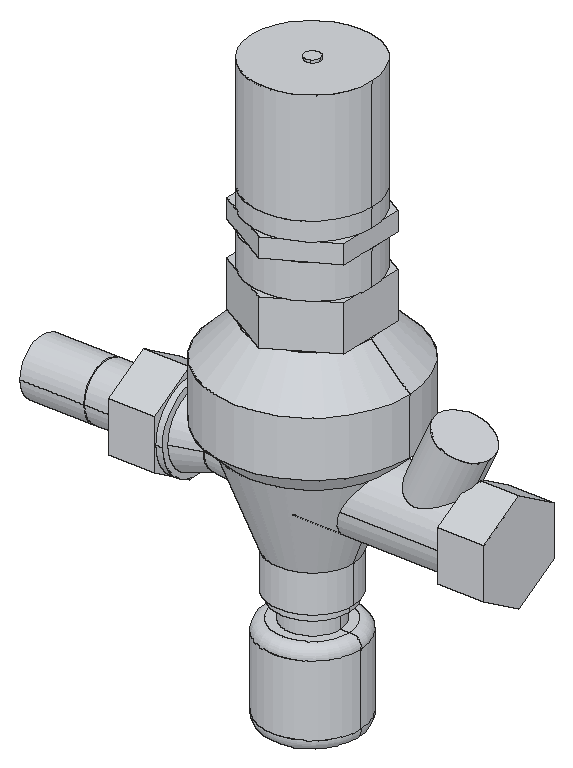
Revit family "306_bdd5c911e7fd4e86ae349a0c16c91d", category Pipe Accessories, Revit 2022
Family settings
  Round Connector Dimension = Use Diameter
  Part Type = Valve - Breaks Into
  Work Plane-Based = No
  Always vertical = Yes
  Cut with Voids When Loaded = No
  Shared = No
Parameters (values of type "2105")
  magiProductId = "76d3b077d6df4884a027f9f95aa827"
  magiProductFamilyId = "bdd5c911e7fd4e86ae349a0c16c91d"
  magiPartTypeId = 306
  isMeasuringValve [instance] = no
  ang2D [instance] = 0.00°
  W2D = 15 mm
  VersionID = "2.0/2018.5.23.1/FAR_2105_001"
  Use Minimum Symbol Size [instance] = yes
  RR2 = 26 mm
  RR1 = 21 mm
  RR = 3 mm
  R3 = 13.5 mm
  R21 = 11 mm
  R2 = 10 mm
  R1 = 11.5 mm
  R = 7.5 mm
  QmdConnectorList = "301;D;302;D"
  Productdata [instance] = "© MagiCAD Group, all rights reserved"
  NT__ve = -NT  # -12.222 mm
  NT = 12.222 mm
  Manufacturer = "FAR"
  MC Product Code = "2105"
  LNT2__ve = -LNT2  # -42.778 mm
  LNT2 = 42.778 mm
  LNT12 = 7.694 mm
  LL = 2 mm
  LH = 30 mm
  L5__ve = -L5  # -5 mm
  L5 = 5 mm
  L2D_Min = 3048 mm
  L2D = 110 mm
  L25 = 25 mm
  L22 = 10 mm
  L2 = 55 mm
  L177__ve = -L177  # -17 mm
  L177 = 17 mm
  L17 = 18 mm
  L16 = 16 mm
  L15 = 1 mm
  HH = 15 mm
  H2HH__ve = -H2HH  # -9.278 mm
  H2HH = 9.278 mm
  Description = "Autom. filling unit, set pressure, check valve, ½” M-F conn."
  Default Elevation = 0 mm
  D = 15 mm
  CenSd_R3_6 = R3 * cos(30.00°)  # 11.691 mm
  CenSd_L17_6 = L17 * cos(30.00°)  # 15.588 mm
  A2 = 25 mm
  A = 60 mm
Reference planes
  plane 1 "Center (Front/Back)": y = 0
  plane 2 "XYPLANE": z = 0
  plane 3 "Center (Left/Right)": x = 0
  plane 4 "214": x = 30
  plane 5 "213": y = 0
  plane 6 "212": through (-649.731, 0, 316.964) normal (0.4226, 0, 0.9063)
  plane 7 "211": through (346.964, 0, 679.731) normal (0.9063, 0, -0.4226)
  plane 8 "205": z = 49.722
  plane 9 "204": z = 37.5
  plane 10 "203": z = 27.5
  plane 11 "202": z = 12.5
  plane 12 "201": z = 7.5
  plane 13 "200": z = -18
  plane 14 "199": z = -28
  plane 15 "198": z = -30
  plane 16 "196": x = 2
  plane 17 "195": x = 13
  plane 18 "193": x = 10
  plane 19 "191": z = -57
  plane 20 "190": z = -38
  plane 21 "188": z = -35
  plane 22 "177": x = -23.083
  plane 23 "176": x = -30.778
  plane 24 "173": x = -32.778
  plane 25 "171": z = 97.5
  plane 26 "170": z = 99
  plane 27 "143": x = -45
  plane 28 "121": z = 69
  plane 29 "120": z = 64
  plane 30 "95": z = 59
  plane 31 "91": x = 42.778
  plane 32 "48": z = -60
  plane 33 "39": x = 55
  plane 34 "38": x = -55
  plane 35 "37": z = 0
  plane 36 "36": y = 0
  plane 37 "35": x = 0
  plane 38 "208XY": through (-649.731, 0, 316.964) normal (0.4226, 0, 0.9063)
  plane 39 "208XZ": y = 0
  plane 40 "208YZ": through (346.964, 0, 679.731) normal (0.9063, 0, -0.4226)
Forms (mm)
  Blend 1, solid
    base sketch origin (-23.083, -750, 0) x (0, 1, 0) y (0, 0, 1)
      loop
        circle (750, 0) r 7.5
    top sketch origin (-23.083, -750, 0) x (0, 1, 0) y (0, 0, 1)
      loop
        circle (750, 0) r 10
    from 0 to 23.083
  Extrusion 2, solid
    sketch origin (-649.731, 0, 316.964) x (0.906308, 0, -0.422618) y (0, 1, 0)
      loop
        circle (750, 0) r 7.5
    from 0 to 25 <- "L25"
  Extrusion 3, solid
    sketch origin (-750, 0, 64) x (1, 0, 0) y (0, 1, 0)
      loop
        line (750, 18) -> (734.412, 9) -> (734.412, -9) -> (750, -18) -> (765.588, -9) -> (765.588, 9) -> (750, 18)
    from 0 to -5 <- "L5__ve"
  Revolve 4, solid
    sketch origin (2, 0, -35) x (0, 0, -1) y (1, 0, 0)
      loop
        line (0, 0) -> (25, 0) -> (25, 8)
        arc (25, 8) -> (24.207, 10.207) -> (22, 11) r 2.75
        line (22, 11) -> (3, 11)
        arc (3, 11) -> (0.793, 10.207) -> (0, 8) r 2.75
        line (0, 8) -> (0, 0)
      axis (25, -2) -> (0, -2)
    angle from 0 to -360
  Extrusion 5, solid
    sketch origin (-750, 0, 49.722) x (1, 0, 0) y (0, 1, 0)
      loop
        line (750, 18) -> (734.412, 9) -> (734.412, -9) -> (750, -18) -> (765.588, -9) -> (765.588, 9) -> (750, 18)
    from 0 to -12.222 <- "NT__ve"
  Blend 6, solid
    base sketch origin (-750, 0, -18) x (1, 0, 0) y (0, 1, 0)
      loop
        circle (750, 0) r 11
    top sketch origin (-750, 0, -18) x (1, 0, 0) y (0, 1, 0)
      loop
        circle (750, 0) r 21
    from 0 to 25.5
  Extrusion 7, solid
    sketch origin (-750, 0, -35) x (1, 0, 0) y (0, 1, 0)
      loop
        circle (750, 0) r 7.5
    from 0 to 5 <- "L5"
  Blend 8, solid
    base sketch origin (-30.778, -750, 0) x (0, 1, 0) y (0, 0, 1)
      loop
        circle (750, 0) r 10
    top sketch origin (-30.778, -750, 0) x (0, 1, 0) y (0, 0, 1)
      loop
        circle (750, 0) r 7.5
    from 0 to 7.694
  Extrusion 9, solid
    sketch origin (-750, 0, 97.5) x (1, 0, 0) y (0, 1, 0)
      loop
        circle (750, 0) r 2
    from 0 to 2 <- "LL"
  Extrusion 10, solid
    sketch origin (-750, 0, -30) x (1, 0, 0) y (0, 1, 0)
      loop
        circle (750, 0) r 10
    from 0 to 2 <- "LL"
  Extrusion 11, solid
    sketch origin (-55, -750, 0) x (0, 1, 0) y (0, 0, 1)
      loop
        circle (750, 0) r 7.5
    from 0 to -17 <- "L177__ve"
  Extrusion 12, solid
    sketch origin (-55, -750, 0) x (0, 1, 0) y (0, 0, 1)
      loop
        circle (750, 0) r 7.5
    from 0 to 10 <- "L22"
  Extrusion 13, solid
    sketch origin (55, -750, 0) x (0, 1, 0) y (0, 0, 1)
      loop
        line (750, 13.5) -> (738.309, 6.75) -> (738.309, -6.75) -> (750, -13.5) -> (761.691, -6.75) -> (761.691, 6.75) -> (750, 13.5)
    from 0 to -12.222 <- "NT__ve"
  Extrusion 14, solid
    sketch origin (-45, -750, 0) x (0, 1, 0) y (0, 0, 1)
      loop
        line (750, 13.5) -> (738.309, 6.75) -> (738.309, -6.75) -> (750, -13.5) -> (761.691, -6.75) -> (761.691, 6.75) -> (750, 13.5)
    from 0 to 12.222 <- "NT"
  Extrusion 15, solid
    sketch origin (-750, 0, 69) x (1, 0, 0) y (0, 1, 0)
      loop
        circle (750, 0) r 16
    from 0 to 30 <- "LH"
  Extrusion 16, solid
    sketch origin (-750, 0, 64) x (1, 0, 0) y (0, 1, 0)
      loop
        circle (750, 0) r 16
    from 0 to 5 <- "L5"
  Blend 17, solid
    base sketch origin (-750, 0, 27.5) x (1, 0, 0) y (0, 1, 0)
      loop
        circle (750, 0) r 26
    top sketch origin (-750, 0, 27.5) x (1, 0, 0) y (0, 1, 0)
      loop
        circle (750, 0) r 16
    from 0 to 10
  Blend 18, solid
    base sketch origin (-750, 0, 12.5) x (1, 0, 0) y (0, 1, 0)
      loop
        circle (750, 0) r 26
    top sketch origin (-750, 0, 12.5) x (1, 0, 0) y (0, 1, 0)
      loop
        circle (750, 0) r 26
    from 0 to 15
  Blend 19, solid
    base sketch origin (-750, 0, 7.5) x (1, 0, 0) y (0, 1, 0)
      loop
        circle (750, 0) r 21
    top sketch origin (-750, 0, 7.5) x (1, 0, 0) y (0, 1, 0)
      loop
        circle (750, 0) r 26
    from 0 to 5
  Extrusion 20, solid
    sketch origin (-750, 0, -28) x (1, 0, 0) y (0, 1, 0)
      loop
        circle (750, 0) r 11
    from 0 to 10 <- "L22"
  Extrusion 21, solid
    sketch origin (42.778, -750, 0) x (0, 1, 0) y (0, 0, 1)
      loop
        circle (750, 0) r 10
    from 0 to -42.778 <- "LNT2__ve"
  Extrusion 22, solid
    sketch origin (-750, 0, 59) x (1, 0, 0) y (0, 1, 0)
      loop
        circle (750, 0) r 16
    from 0 to -9.278 <- "H2HH__ve"
  Extrusion 23, solid
    sketch origin (-32.778, -750, 0) x (0, 1, 0) y (0, 0, 1)
      loop
        circle (750, 0) r 11.5
    from 0 to 2 <- "LL"
  Extrusion 24, solid, not visible
    sketch origin (55, -750, 0) x (0, 1, 0) y (0, 0, 1)
      loop
        circle (750, 0) r 10
    from 0 to -10
  Extrusion 25, solid, not visible
    sketch origin (-55, -750, 0) x (0, 1, 0) y (0, 0, 1)
      loop
        circle (750, 0) r 10
    from 0 to 10
Lines and regions (mm)
  reference lines, not visible
    curve 1: circle (2, 2, 0) r 1 normal (0, 0, 1)
  reference lines
    curve 2: line (0, 0, 64) -> (7.794, -4.5, 64)
    curve 3: line (0, 0, 64) -> (0, -9, 64)
    curve 4: line (0, 0, 64) -> (-7.794, -4.5, 64)
    curve 5: line (10, 0, -35) -> (13, 0, -38)
    curve 6: line (13, 0, -57) -> (10, 0, -60)
    curve 7: line (0, 0, 49.722) -> (7.794, -4.5, 49.722)
    curve 8: line (0, 0, 49.722) -> (0, -9, 49.722)
    curve 9: line (0, 0, 49.722) -> (-7.794, -4.5, 49.722)
    curve 10: line (55, 0, 0) -> (55, 5.846, -3.375)
    curve 11: line (55, 0, 0) -> (55, 0, -6.75)
    curve 12: line (55, 0, 0) -> (55, -5.846, -3.375)
    curve 13: line (-45, 0, 0) -> (-45, -5.846, -3.375)
    curve 14: line (-45, 0, 0) -> (-45, 0, -6.75)
    curve 15: line (-45, 0, 0) -> (-45, 5.846, -3.375)
Dimensions and locks
  plane 1 "Center (Front/Back)" to curve 1 = 2 mm
  "LH": plane 3 "Center (Left/Right)" to plane 4 "214"
  locked: plane 36 "36" to plane 5 "213"
  locked: plane 38 "208XY" to plane 6 "212"
  locked: plane 40 "208YZ" to plane 7 "211"
  "NT": plane 9 "204" to plane 8 "205"
  "L22": plane 10 "203" to plane 9 "204"
  "HH": plane 11 "202" to plane 10 "203"
  "L5": plane 12 "201" to plane 11 "202"
  "R": plane 2 "XYPLANE" to plane 12 "201"
  "L22": plane 14 "199" to plane 13 "200"
  "LL": plane 15 "198" to plane 14 "199"
  "L5": plane 21 "188" to plane 15 "198"
  "LL": plane 3 "Center (Left/Right)" to plane 16 "196"
  "RR": plane 18 "193" to plane 17 "195"
  "R2": plane 3 "Center (Left/Right)" to plane 18 "193"
  "RR": plane 32 "48" to plane 19 "191"
  "RR": plane 21 "188" to plane 20 "190"
  "A2": plane 32 "48" to plane 21 "188"
  "LNT12": plane 23 "176" to plane 22 "177"
  "LL": plane 24 "173" to plane 23 "176"
  "NT": plane 27 "143" to plane 24 "173"
  locked: plane 26 "170" to plane 25 "171" at 1.5
  "LH": plane 28 "121" to plane 26 "170"
  "L22": plane 34 "38" to plane 27 "143"
  "L5": plane 29 "120" to plane 28 "121"
  "L5": plane 30 "95" to plane 29 "120"
  "H2HH": plane 8 "205" to plane 30 "95"
  "NT": plane 33 "39" to plane 31 "91"
  "A": plane 2 "XYPLANE" to plane 32 "48"
  "L2": plane 3 "Center (Left/Right)" to plane 33 "39"
  "L2": plane 3 "Center (Left/Right)" to plane 34 "38"
  locked: plane 2 "XYPLANE" to plane 35 "37"
  locked: plane 1 "Center (Front/Back)" to plane 36 "36"
  locked: plane 3 "Center (Left/Right)" to plane 37 "35"
  "CenSd_L17_6": curve 2 to Extrusion 3 sketch curve  (x2)
  "CenSd_L17_6": curve 3 to Extrusion 3 sketch curve  (x2)
  "CenSd_L17_6": curve 4 to Extrusion 3 sketch curve  (x2)
  Extrusion 3 sketch curve to Extrusion 3 sketch curve = 0 mm  (x12)
  "L15": curve 5 to Revolve 4 sketch curve
  "L15": curve 6 to Revolve 4 sketch curve
  Revolve 4 sketch curve to Revolve 4 sketch curve = 0 mm  (x12)
  "CenSd_L17_6": curve 7 to Extrusion 5 sketch curve  (x2)
  "CenSd_L17_6": curve 8 to Extrusion 5 sketch curve  (x2)
  "CenSd_L17_6": curve 9 to Extrusion 5 sketch curve  (x2)
  Extrusion 5 sketch curve to Extrusion 5 sketch curve = 0 mm  (x12)
  "CenSd_R3_6": curve 10 to Extrusion 13 sketch curve  (x2)
  "CenSd_R3_6": curve 11 to Extrusion 13 sketch curve  (x2)
  "CenSd_R3_6": curve 12 to Extrusion 13 sketch curve  (x2)
  Extrusion 13 sketch curve to Extrusion 13 sketch curve = 0 mm  (x12)
  "CenSd_R3_6": curve 13 to Extrusion 14 sketch curve  (x2)
  "CenSd_R3_6": curve 14 to Extrusion 14 sketch curve  (x2)
  "CenSd_R3_6": curve 15 to Extrusion 14 sketch curve  (x2)
  Extrusion 14 sketch curve to Extrusion 14 sketch curve = 0 mm  (x12)
  "R2": radius of Blend 1 sketch curve
  "R": radius of Blend 1 sketch curve
  "R": radius of Extrusion 2 sketch curve
  "RR1": radius of Blend 6 sketch curve
  "R21": radius of Blend 6 sketch curve
  "R": radius of Extrusion 7 sketch curve
  "R": radius of Blend 8 sketch curve
  "R2": radius of Blend 8 sketch curve
  "LL": radius of Extrusion 9 sketch curve
  "R2": radius of Extrusion 10 sketch curve
  "R": radius of Extrusion 11 sketch curve
  "R": radius of Extrusion 12 sketch curve
  "L16": radius of Extrusion 15 sketch curve
  "L16": radius of Extrusion 16 sketch curve
  "L16": radius of Blend 17 sketch curve
  "RR2": radius of Blend 17 sketch curve
  "RR2": radius of Blend 18 sketch curve  (x2)
  "RR2": radius of Blend 19 sketch curve
  "RR1": radius of Blend 19 sketch curve
  "R21": radius of Extrusion 20 sketch curve
  "R2": radius of Extrusion 21 sketch curve
  "L16": radius of Extrusion 22 sketch curve
  "R1": radius of Extrusion 23 sketch curve
  locked: curve 3 to curve 2 (angle 60.00°)
  locked: curve 4 to curve 3 (angle 60.00°)
  locked: curve 4 to curve 2 (angle 120.00°)
  locked: curve 8 to curve 7 (angle 60.00°)
  locked: curve 9 to curve 8 (angle 60.00°)
  locked: curve 9 to curve 7 (angle 120.00°)
  locked: curve 11 to curve 10 (angle 60.00°)
  locked: curve 12 to curve 11 (angle 60.00°)
  locked: curve 12 to curve 10 (angle 120.00°)
  locked: curve 14 to curve 13 (angle 60.00°)
  locked: curve 15 to curve 14 (angle 60.00°)
  locked: curve 15 to curve 13 (angle 120.00°)
  aligned and locked: level to plane 2 "XYPLANE"
  aligned and locked: plane 35 "37" to Blend 1 sketch curve  (x2)
  aligned and locked: Blend 1 sketch curve to plane 36 "36"  (x2)
  aligned and locked: plane 37 "35" to Blend 1
  aligned and locked: plane 5 "213" to Extrusion 2 sketch curve
  aligned and locked: Extrusion 2 sketch curve to plane 7 "211"
  aligned and locked: plane 36 "36" to curve 4
  aligned and locked: plane 37 "35" to curve 4
  aligned and locked: plane 21 "188" to Revolve 4 sketch curve  (x2)
  aligned and locked: plane 16 "196" to Revolve 4 sketch curve  (x2)
  aligned and locked: plane 18 "193" to Revolve 4 sketch curve  (x2)
  aligned and locked: plane 18 "193" to curve 5
  aligned and locked: plane 21 "188" to curve 5
  aligned and locked: plane 17 "195" to curve 5
  aligned and locked: plane 20 "190" to curve 5
  aligned and locked: plane 17 "195" to Revolve 4 sketch curve
  aligned and locked: plane 20 "190" to Revolve 4 sketch curve
  aligned and locked: plane 19 "191" to Revolve 4 sketch curve
  aligned and locked: plane 17 "195" to curve 6
  aligned and locked: plane 19 "191" to curve 6
  aligned and locked: plane 18 "193" to curve 6
  aligned and locked: plane 32 "48" to curve 6
  aligned and locked: Revolve 4 sketch curve to plane 32 "48"
  aligned and locked: plane 32 "48" to Revolve 4 sketch curve  (x2)
  aligned and locked: Revolve 4 sketch curve to plane 37 "35"
  aligned and locked: plane 36 "36" to curve 9
  aligned and locked: plane 37 "35" to curve 9
  aligned and locked: plane 36 "36" to Blend 6 sketch curve  (x2)
  aligned and locked: plane 37 "35" to Blend 6 sketch curve  (x2)
  aligned and locked: plane 12 "201" to Blend 6
  aligned and locked: plane 36 "36" to Extrusion 7 sketch curve
  aligned and locked: plane 37 "35" to Extrusion 7 sketch curve
  aligned and locked: Blend 8 sketch curve to plane 36 "36"  (x2)
  aligned and locked: plane 22 "177" to Blend 8
  aligned and locked: plane 36 "36" to Extrusion 9 sketch curve
  aligned and locked: plane 37 "35" to Extrusion 9 sketch curve
  aligned and locked: plane 36 "36" to Extrusion 10 sketch curve
  aligned and locked: plane 37 "35" to Extrusion 10 sketch curve
  aligned and locked: plane 35 "37" to Extrusion 11 sketch curve
  aligned and locked: Extrusion 11 sketch curve to plane 36 "36"
  aligned and locked: plane 35 "37" to Extrusion 12 sketch curve
  aligned and locked: Extrusion 12 sketch curve to plane 36 "36"
  aligned and locked: plane 35 "37" to curve 12
  aligned and locked: curve 12 to plane 36 "36"
  aligned and locked: plane 35 "37" to curve 15
  aligned and locked: curve 15 to plane 36 "36"
  aligned and locked: plane 36 "36" to Extrusion 15 sketch curve
  aligned and locked: plane 37 "35" to Extrusion 15 sketch curve
  aligned and locked: plane 36 "36" to Extrusion 16 sketch curve
  aligned and locked: plane 37 "35" to Extrusion 16 sketch curve
  aligned and locked: plane 36 "36" to Blend 17 sketch curve  (x2)
  aligned and locked: plane 37 "35" to Blend 17 sketch curve  (x2)
  aligned and locked: plane 9 "204" to Blend 17
  aligned and locked: plane 36 "36" to Blend 18 sketch curve  (x2)
  aligned and locked: plane 37 "35" to Blend 18 sketch curve  (x2)
  aligned and locked: plane 10 "203" to Blend 18
  aligned and locked: plane 36 "36" to Blend 19 sketch curve  (x2)
  aligned and locked: plane 37 "35" to Blend 19 sketch curve  (x2)
  aligned and locked: plane 11 "202" to Blend 19
  aligned and locked: plane 36 "36" to Extrusion 20 sketch curve
  aligned and locked: plane 37 "35" to Extrusion 20 sketch curve
  aligned and locked: plane 35 "37" to Extrusion 21 sketch curve
  aligned and locked: Extrusion 21 sketch curve to plane 36 "36"
  aligned and locked: plane 36 "36" to Extrusion 22 sketch curve
  aligned and locked: plane 37 "35" to Extrusion 22 sketch curve
  aligned and locked: plane 35 "37" to Extrusion 23 sketch curve
  aligned and locked: Extrusion 23 sketch curve to plane 36 "36"
  aligned and locked: plane 35 "37" to Extrusion 24 sketch curve
  aligned and locked: Extrusion 24 sketch curve to plane 36 "36"
  aligned and locked: plane 35 "37" to Extrusion 25 sketch curve
  aligned and locked: Extrusion 25 sketch curve to plane 36 "36"
Automatic sketch dimensions
  plane 1 "Center (Front/Back)" to Extrusion 24 sketch curve = 10 mm
  plane 1 "Center (Front/Back)" to Extrusion 25 sketch curve = 10 mm
  curve 1 to plane 16 "196" = 0 mm
  Blend 8 sketch curve to level = 0 mm  (x2)
  radius of curve 1 = 1 mm
Connectors
  piping at (-55, 0, 0), diameter 15, driven by "D"
    settings: on Extrusion 25, index 1, connector inside diameter 609.6 mm, connector length 0 mm, flow factor 0, pipe flow 0.0 L/s, pressure drop 0.0 Pa, fitting loss kfactor 0, connector angle 0.00°, fixture units 0, engagement length 0 mm, angle of deflection 0.00°, flow configuration 0, flow direction 0, fitting loss method 0, system type 29, joint type 0, gender type 0, connector reference index 2, connector utility 0, adjustable connector no, is connector primary yes, connector description ""
  piping at (55, 0, 0), diameter 15, driven by "D"
    settings: on Extrusion 24, index 2, connector inside diameter 609.6 mm, connector length 0 mm, flow factor 0, pipe flow 0.0 L/s, pressure drop 0.0 Pa, fitting loss kfactor 0, connector angle 0.00°, fixture units 0, engagement length 0 mm, angle of deflection 0.00°, flow configuration 0, flow direction 0, fitting loss method 0, system type 29, joint type 0, gender type 0, connector reference index 1, connector utility 0, adjustable connector no, is connector primary no, connector description ""
